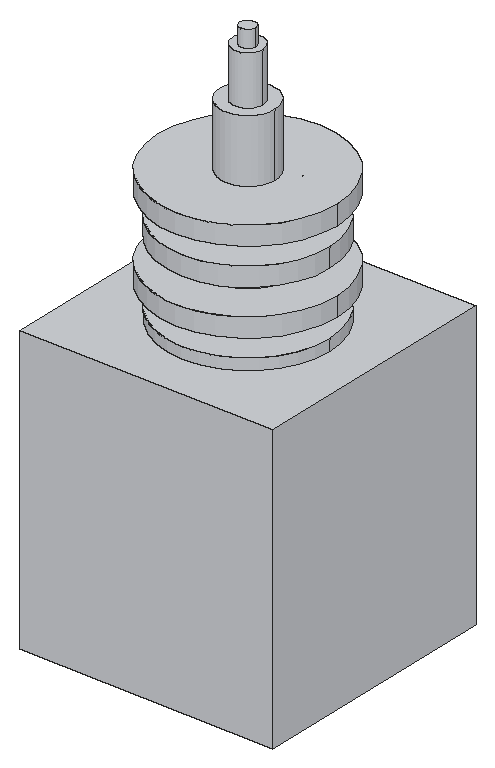
Revit family "GIS_Transformer_BushingMV", category Modelos genéricos, Revit 2027
Family settings
  Pode hospedar o vergalhão = Não
  Cota do conector redondo = Utilizar diâmetro
  Tipo de parte = Normal
  Com base no plano de trabalho = Não
  Sempre na vertical = Sim
  Corte com vazios quando carregada = Não
  Manter orientação da anotação = Não
  Compartilhado = Não
  Ponto de cálculo do ambiente = Não
Parameters (values of type "TR_BUSHING_MV_STUDY")
  Elevação padrão = 0 mm
  BIM_TensaoSecundaria_kV = 0
  BIM_TensaoNominal_kV = 13.8
  BIM_TensaoClasse_kV = 17.5
  BIM_TensaoClasseSecundaria_kV = 0
  BIM_TensaoAuxiliarCA_kV = 0
  BIM_Sistema_Elemento [instance] = ""
  BIM_ReferenciaCatalogo = "Portfolio estimate; bushing datasheet pending"
  BIM_Profundidade = 360 mm
  BIM_Potencia_MVA = 0
  BIM_Localizacao [instance] = ""
  BIM_Largura = 360 mm
  BIM_Impedancia_pu = 0
  BIM_FonteGeometria = "Portfolio estimate; bushing datasheet pending"
  BIM_Fabricante = "NAO SELECIONADO"
  BIM_EstadoGeometria = "ESTIMATED"
  BIM_EstadoEspecificacao = "PREMISSA / NAO SELECIONADO"
  BIM_DescricaoEstudo = "Bucha de media tensao conceitual; classe de isolamento e terminais pendentes."
  BIM_CorrenteReferenciaSecundaria_A = 0
  BIM_CorrenteNominal_A = 0
  BIM_Bay [instance] = ""
  BIM_AlturaCorpoPrincipal = 405.6 mm
  BIM_Altura = 780 mm
Reference planes
  plane 1 "Centro (Frente/Trás)": y = 0
  plane 2: z = 0
  plane 3 "Centro (Esquerda/Direita)": x = 0
  plane 4 "BIM Left": x = -180
  plane 5 "BIM Right": x = 180
  plane 6 "BIM Front": y = -180
  plane 7 "BIM Back": y = 180
Forms (mm)
  Extrusion 1, solid
    sketch origin (0, 0, 0) x (1, 0, 0) y (0, 1, 0)
      loop
        line (-180, -180) -> (180, -180) -> (180, 180) -> (-180, 180) -> (-180, -180)
    from 0 to 405.6 <- "BIM_AlturaCorpoPrincipal"
  Extrusion 2, solid
    sketch origin (0, 0, 78) x (1, 0, 0) y (0, 1, 0)
      loop
        line (-118.8, -118.8) -> (118.8, -118.8) -> (118.8, 118.8) -> (-118.8, 118.8) -> (-118.8, -118.8)
    from 0 to 93.6
  Extrusion 3, solid
    sketch origin (0, 0, 148.2) x (1, 0, 0) y (0, 1, 0)
      loop
        circle (0, 0) r 102.6
    from 0 to 124.8
  Extrusion 4, solid
    sketch origin (0, 0, 218.4) x (1, 0, 0) y (0, 1, 0)
      loop
        circle (0, 0) r 127.44
    from 0 to 27.3
  Extrusion 5, solid
    sketch origin (0, 0, 276.9) x (1, 0, 0) y (0, 1, 0)
      loop
        circle (0, 0) r 116.64
    from 0 to 27.3
  Extrusion 6, solid
    sketch origin (0, 0, 335.4) x (1, 0, 0) y (0, 1, 0)
      loop
        circle (0, 0) r 127.44
    from 0 to 27.3
  Extrusion 7, solid
    sketch origin (0, 0, 393.9) x (1, 0, 0) y (0, 1, 0)
      loop
        circle (0, 0) r 116.64
    from 0 to 27.3
  Extrusion 8, solid
    sketch origin (0, 0, 452.4) x (1, 0, 0) y (0, 1, 0)
      loop
        circle (0, 0) r 127.44
    from 0 to 27.3
  Extrusion 9, solid
    sketch origin (0, 0, 510.9) x (1, 0, 0) y (0, 1, 0)
      loop
        circle (0, 0) r 116.64
    from 0 to 27.3
  Extrusion 10, solid
    sketch origin (0, 0, 569.4) x (1, 0, 0) y (0, 1, 0)
      loop
        circle (0, 0) r 127.44
    from 0 to 27.3
  Extrusion 11, solid
    sketch origin (0, 0, 241.8) x (1, 0, 0) y (0, 1, 0)
      loop
        circle (0, 0) r 62.64
    from 0 to 351
  Extrusion 12, solid
    sketch origin (0, 0, 592.8) x (1, 0, 0) y (0, 1, 0)
      loop
        circle (0, 0) r 38.88
    from 0 to 93.6
  Extrusion 13, solid
    sketch origin (0, 0, 686.4) x (1, 0, 0) y (0, 1, 0)
      loop
        circle (0, 0) r 21.6
    from 0 to 70.2
  Extrusion 14, solid
    sketch origin (0, 0, 756.6) x (1, 0, 0) y (0, 1, 0)
      loop
        circle (0, 0) r 10.8
    from 0 to 23.4
Dimensions and locks
  "BIM_Largura": plane 4 "BIM Left" to plane 5 "BIM Right"
  "BIM_Profundidade": plane 6 "BIM Front" to plane 7 "BIM Back"
  aligned and locked: level to plane 2
  aligned and locked: plane 4 "BIM Left" to Extrusion 1
  aligned and locked: Extrusion 1 to plane 5 "BIM Right"
  aligned and locked: Extrusion 1 to plane 6 "BIM Front"
  aligned and locked: plane 7 "BIM Back" to Extrusion 1
Automatic sketch dimensions
  Extrusion 1 sketch curve to plane 4 "BIM Left" = 0 mm
  Extrusion 1 sketch curve to plane 5 "BIM Right" = 0 mm
  Extrusion 1 sketch curve to plane 6 "BIM Front" = 0 mm
  Extrusion 1 sketch curve to plane 7 "BIM Back" = 0 mm
  Extrusion 2 sketch curve to plane 4 "BIM Left" = 61.2 mm
  plane 5 "BIM Right" to Extrusion 2 sketch curve = 61.2 mm
  plane 6 "BIM Front" to Extrusion 2 sketch curve = 61.2 mm
  Extrusion 2 sketch curve to plane 7 "BIM Back" = 61.2 mm
  Extrusion 3 sketch curve to Extrusion 3 sketch curve = 0 mm  (x2)
  plane 1 "Centro (Frente/Trás)" to Extrusion 3 sketch curve = 0 mm
  Extrusion 3 sketch curve to plane 3 "Centro (Esquerda/Direita)" = 0 mm
  Extrusion 3 sketch curve to plane 4 "BIM Left" = 77.4 mm
  Extrusion 4 sketch curve to Extrusion 4 sketch curve = 0 mm  (x2)
  plane 1 "Centro (Frente/Trás)" to Extrusion 4 sketch curve = 0 mm
  Extrusion 4 sketch curve to plane 3 "Centro (Esquerda/Direita)" = 0 mm
  Extrusion 4 sketch curve to plane 4 "BIM Left" = 52.56 mm
  Extrusion 5 sketch curve to Extrusion 5 sketch curve = 0 mm  (x2)
  plane 1 "Centro (Frente/Trás)" to Extrusion 5 sketch curve = 0 mm
  Extrusion 5 sketch curve to plane 3 "Centro (Esquerda/Direita)" = 0 mm
  Extrusion 5 sketch curve to plane 4 "BIM Left" = 63.36 mm
  Extrusion 6 sketch curve to Extrusion 6 sketch curve = 0 mm  (x2)
  plane 1 "Centro (Frente/Trás)" to Extrusion 6 sketch curve = 0 mm
  Extrusion 6 sketch curve to plane 3 "Centro (Esquerda/Direita)" = 0 mm
  Extrusion 6 sketch curve to plane 4 "BIM Left" = 52.56 mm
  Extrusion 7 sketch curve to Extrusion 7 sketch curve = 0 mm  (x2)
  plane 1 "Centro (Frente/Trás)" to Extrusion 7 sketch curve = 0 mm
  Extrusion 7 sketch curve to plane 3 "Centro (Esquerda/Direita)" = 0 mm
  Extrusion 7 sketch curve to plane 4 "BIM Left" = 63.36 mm
  Extrusion 8 sketch curve to Extrusion 8 sketch curve = 0 mm  (x2)
  plane 1 "Centro (Frente/Trás)" to Extrusion 8 sketch curve = 0 mm
  Extrusion 8 sketch curve to plane 3 "Centro (Esquerda/Direita)" = 0 mm
  Extrusion 8 sketch curve to plane 4 "BIM Left" = 52.56 mm
  Extrusion 9 sketch curve to Extrusion 9 sketch curve = 0 mm  (x2)
  plane 1 "Centro (Frente/Trás)" to Extrusion 9 sketch curve = 0 mm
  Extrusion 9 sketch curve to plane 3 "Centro (Esquerda/Direita)" = 0 mm
  Extrusion 9 sketch curve to plane 4 "BIM Left" = 63.36 mm
  Extrusion 10 sketch curve to Extrusion 10 sketch curve = 0 mm  (x2)
  plane 1 "Centro (Frente/Trás)" to Extrusion 10 sketch curve = 0 mm
  Extrusion 10 sketch curve to plane 3 "Centro (Esquerda/Direita)" = 0 mm
  Extrusion 10 sketch curve to plane 4 "BIM Left" = 52.56 mm
  Extrusion 11 sketch curve to Extrusion 11 sketch curve = 0 mm  (x2)
  plane 1 "Centro (Frente/Trás)" to Extrusion 11 sketch curve = 0 mm
  Extrusion 11 sketch curve to plane 3 "Centro (Esquerda/Direita)" = 0 mm
  Extrusion 11 sketch curve to plane 3 "Centro (Esquerda/Direita)" = 62.64 mm
  Extrusion 12 sketch curve to Extrusion 12 sketch curve = 0 mm  (x2)
  plane 1 "Centro (Frente/Trás)" to Extrusion 12 sketch curve = 0 mm
  Extrusion 12 sketch curve to plane 3 "Centro (Esquerda/Direita)" = 0 mm
  Extrusion 12 sketch curve to plane 3 "Centro (Esquerda/Direita)" = 38.88 mm
  Extrusion 13 sketch curve to Extrusion 13 sketch curve = 0 mm  (x2)
  plane 1 "Centro (Frente/Trás)" to Extrusion 13 sketch curve = 0 mm
  Extrusion 13 sketch curve to plane 3 "Centro (Esquerda/Direita)" = 0 mm
  Extrusion 13 sketch curve to plane 3 "Centro (Esquerda/Direita)" = 21.6 mm
  Extrusion 14 sketch curve to Extrusion 14 sketch curve = 0 mm  (x2)
  plane 1 "Centro (Frente/Trás)" to Extrusion 14 sketch curve = 0 mm
  Extrusion 14 sketch curve to plane 3 "Centro (Esquerda/Direita)" = 0 mm
  Extrusion 14 sketch curve to plane 3 "Centro (Esquerda/Direita)" = 10.8 mm
